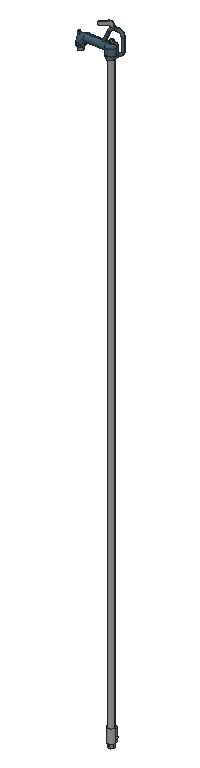
Revit family "Hydrant_Yard-Zurn-Z1397XL-Lead_Free", category Plumbing Fixtures, host Face, Revit 2022
Family settings
  Host = Face
  Round Connector Dimension = Use Radius
  Part Type = Normal
  OmniClass Number = 23.65.70.14.11
  OmniClass Title = Drinking Fountains/Coolers
  Cut with Voids When Loaded = No
  Maintain Annotation Orientation = No
  Shared = No
  Room Calculation Point = No
Parameters (values of type "Z1397XL-8 Foot Depth of Bury")
  Waste Connection = 1 = 0  # no
  WFU = 0  # constant formula
  Vent Connection = 1 = 0  # no
  URL = "www.zurn.com"
  Product data url = "https://www.bimobject.com/en-in/zurnindustries/product/zurn-z1397xl"
  Product Page URL = "https://www.zurn.com/products/drainage-interceptors/light-commercial/z1397xl"
  Product Documentation Link = "https://files.zurn.com/spec-sheets/z1397xl.pdf"
  Modified Date = "03/02/2026"  # constant formula
  Model = "Z1397XL"  # constant formula
  Manufacturer Brand = "Zurn"  # constant formula
  Manufacturer = "Zurn Water, LLC"  # constant formula
  Lift Handle [instance] = Iron - Zurn -Cast - Painted - Blue
  Hydrant Casing = Steel - Zurn - Galvanized
  Hose and Valve Housing = Bronze - Zurn - Cast
  Height_B+ = Depth of Bury + 30.000"  # 126.000"
  HWFU = 0  # constant formula
  HW Connection = 1 = 0  # no
  Description = "FLO-TROL YARD HYDRANT Exposed Head, Non-Freeze"  # constant formula
  Depth of Bury = 96.000"
  Default Elevation = 20.000"  # constant formula
  Date Created = "11/03/2018"  # constant formula
  Casing Dia = 1.156"  # constant formula
  Casing [instance] = yes
  CWFU = 1  # constant formula
  CW Connection = 1 = 1  # yes
  Assembly Code = "D2020300"
  Hose Outlet Radius (Outer) = 0.525"  # constant formula
  Hose Outlet Radius (Nominal) = 0.375"  # constant formula
  Hose Outlet Radius (Inner) = 0.410"  # constant formula
  Female NPT Inlet Radius (Outer) = 0.525"  # constant formula
  Female NPT Inlet Radius (Nominal) = 0.375"  # constant formula
  Female NPT Inlet Radius (Inner) = 0.410"  # constant formula
  Approx.WT. = 39.00 lbf
Types (6): name | Height_B+ | Depth of Bury | Casing | Approx.WT.
  Z1397XL-2 Foot Depth of Bury | 54.000" | 24.000" | no | 15.00 lbf
  Z1397XL-3 Foot Depth of Bury | 66.000" | 36.000" | yes | 19.00 lbf
  Z1397XL-4 Foot Depth of Bury | 78.000" | 48.000" | yes | 23.00 lbf
  Z1397XL-5 Foot Depth of Bury | 90.000" | 60.000" | yes | 27.00 lbf
  Z1397XL-6 Foot Depth of Bury | 102.000" | 72.000" | yes | 31.00 lbf
  Z1397XL-8 Foot Depth of Bury | 126.000" | 96.000" | yes | 39.00 lbf
Reference planes (in)
  plane 1 "Center (Front/Back)": y = 0
  plane 2: z = 0
  plane 3 "Center (Left/Right)": x = 0
  plane 4: z = 30
  plane 5: z = -96
  plane 6: x = -0.57812
  plane 7: x = 0.57813
  plane 8: y = 0.57812
  plane 9: y = -0.57813
  plane 10: z = -92.375
  plane 11: x = 0
  plane 12: x = 2.375
  plane 13: z = 31.42605
  plane 14: z = 29.25
  plane 15: y = 0.25
  plane 16: y = -0.25
  plane 17: x = 2.625
  plane 18: y = 0.71
  plane 19: y = -0.71
  plane 20: x = 1
  plane 21: x = -1.78125
  plane 22: x = -6.75
  plane 23: x = -5.75
  plane 24: x = -0.813
  plane 25: x = 0.813
  plane 26: x = -0.578
  plane 27: x = 0.578
  plane 28: x = -1
  plane 29: x = 1
  plane 30: z = 32.4375
  plane 31: x = -7.031
  plane 32: x = -5.469
  plane 33: z = 31
  plane 34: z = 35.3125
  plane 35: through (0.30937, -180, 35.3125) normal (0.866, 0, -0.5)
  plane 36: y = -0.813
  plane 37: y = 0.813
  plane 38: y = -0.578
  plane 39: y = 0.578
  plane 40: y = -1
  plane 41: y = 1
  plane 42: z = 35.625
  plane 43: z = 29.36883
  plane 44: z = 29.875
  plane 45: z = 11.875
  plane 46: x = -0.525
  plane 47: x = 0.525
  plane 48: y = 0.525
  plane 49: y = -0.525
  plane 50: x = -6.25
  plane 51: x = -6.25
  plane 52: x = -6.775
  plane 53: x = -5.725
  plane 54: y = -0.72169
  plane 55: y = 0.72049
  plane 56: x = -0.375
  plane 57: x = 0.375
  plane 58: z = 32.6875
  plane 59: z = 32.8125
  plane 60: z = 33.1875
  plane 61: y = -0.15
  plane 62: y = 0.15
  plane 63: z = 35.7957
  plane 64: through (-2.54276, -180, 35.5559) normal (-0.3907, 0, 0.9205)
  plane 65: through (-2.34097, -180, 34.96258) normal (-0.3649, 0, 0.9311)
  plane 66: z = 35.25024
  plane 67: y = 0.05
  plane 68: y = -0.05
  plane 69: through (-0.77024, 0.71, 48) normal (-0.5, 0.866, 0)
  plane 70: through (0, 1.1547, 48) normal (0.5, 0.866, 0)
  plane 71: through (1, -0.57735, 48) normal (0.5, -0.866, 0)
  plane 72: through (-0.75, -0.72169, 48) normal (0.5, 0.866, 0)
  plane 73: x = -5.92404
  plane 74: z = -95
  plane 75: z = -94
  plane 76: x = 0.81571
  plane 77: x = 0.15
  plane 78: x = 1.06571
Forms (in)
  Extrusion 1, solid, material "Steel - Zurn - Galvanized" <- "Hydrant Casing", detail levels fine
    sketch origin (0, 0, 0) x (1, 0, 0) y (0, 1, 0)
      loop
        circle (0, 0) r 0.578
    from -92.375 to 30
  Extrusion 2, solid, material "Bronze - Zurn - Cast" <- "Hose and Valve Housing", detail levels fine
    sketch origin (0, 0, 0) x (1, 0, 0) y (0, 1, 0)
      loop
        circle (0, 0) r 0.525
      loop
        circle (0, 0) r 0.41
    from -96 to -95
  Extrusion 3, solid, material "Bronze - Zurn - Cast" <- "Hose and Valve Housing", detail levels fine
    sketch origin (0, 0, 0) x (1, 0, 0) y (0, 1, 0)
      loop
        circle (-6.25, 0) r 0.525
      loop
        circle (-6.25, 0) r 0.41
    from 30 to 29.25
  Extrusion 4, solid, material "Bronze - Zurn - Cast" <- "Hose and Valve Housing", detail levels fine
    sketch origin (4.75, -180, 32.4375) x (0, -1, 0) y (-1, 0, 0)
      loop
        circle (-180, 4.75) r 0.37496
    from -0.25 to 0
  Extrusion 5, solid, material "Bronze - Zurn - Cast" <- "Hose and Valve Housing", detail levels fine
    sketch origin (-0.94354, -180, 32.6875) x (-1, 0, 0) y (0, -1, 0)
      loop
        circle (-0.94354, -180) r 0.4375
    from 0 to 0.125
  Extrusion 6, solid, material "Steel - Zurn - Galvanized" <- "Hydrant Casing", detail levels fine
    sketch origin (-8.6548, -180, 32.8125) x (-1, 0, 0) y (0, -1, 0)
      loop
        circle (-8.6548, -180) r 0.1875
    from 0 to 0.375
  Extrusion 7, solid, material "Steel - Zurn - Galvanized" <- "Hydrant Casing", detail levels fine
    sketch origin (-0.125, 0, 0) x (1, 0, 0) y (0, 0, 1)
      loop
        line (1.00428, 35.625) -> (0.35706, 36.26913)
        arc (0.35706, 36.26913) -> (0.00717, 36.45805) -> (-0.38837, 36.41733) r 0.67531
        line (-0.38837, 36.41733) -> (-2.46018, 35.5379)
        arc (-2.46018, 35.5379) -> (-2.62573, 35.12814) -> (-2.21597, 34.96258) r 0.3125
        line (-2.21597, 34.96258) -> (-0.47042, 35.64661)
        arc (-0.47042, 35.64661) -> (-0.10422, 35.63225) -> (0.07486, 35.3125) r 0.375
        arc (0.07486, 35.3125) -> (0.51908, 35.5297) -> (1.00428, 35.625) r 1.90123
    from -0.05 to 0.05
  Extrusion 8, solid, material "Steel - Zurn - Galvanized" <- "Hydrant Casing", detail levels fine
    sketch origin (-8.8588, -180, -95) x (-1, 0, 0) y (0, -1, 0)
      loop
        circle (-8.8588, -180) r 0.8125
    from 0 to 2.625
  Extrusion 9, solid, material "Steel - Zurn - Galvanized" <- "Hydrant Casing", detail levels fine
    sketch origin (0, 0, 0) x (0, 1, 0) y (0, 0, 1)
      loop
        circle (0, -94) r 0.2025
      loop
        circle (0, -94) r 0.135
    from 0.15 to 1.06571
Lines and regions (in)
  Masking region 1, detail levels fine
    outline origin (-7.8917, -180, 29.25) x (-1, 0, 0) y (0, -1, 0)
      loop
        arc (-1.9519, -180.72049) -> (-0.85727, -180.00152) -> (-1.94911, -179.27831) r 0.78443
        line (-1.94911, -179.27831) -> (-7.1417, -179.27831) -> (-7.8917, -178.8453) -> (-8.8917, -179.42265) -> (-8.8917, -179.75) -> (-10.2667, -179.75)
        arc (-10.2667, -179.75) -> (-10.5167, -180) -> (-10.2667, -180.25) r 0.25
        line (-10.2667, -180.25) -> (-8.8917, -180.25) -> (-8.8917, -180.57735) -> (-7.8917, -181.1547) -> (-7.13963, -180.72049) -> (-1.9519, -180.72049)
  model lines, detail levels coarse+medium
    curve 1: line (0, 0, -96) -> (0, 0, 31.42605)
    curve 2: line (0, 0, 31.42605) -> (-6.25, 0, 31.42605)
    curve 3: line (-6.25, 0, 31.42605) -> (-6.25, 0, 29.25)
    curve 6: line (-0.525, 0, -96) -> (0.525, 0, -96)
    curve 7: line (0, 0.525, -96) -> (0, -0.525, -96)
    curve 8: line (-6.775, 0, 29.25) -> (-5.725, 0, 29.25)
    curve 9: line (-6.25, 0.525, 29.25) -> (-6.25, -0.525, 29.25)
  symbolic lines, detail levels coarse+medium
    curve 4: line (-5.75, 0, 29.25) -> (-6.75, 0, 29.25)
    curve 10: line (0, 0, 35.625) -> (0, 0, -96)
    curve 11: line (0, 0.525, 29.25) -> (0, -0.525, 29.25)
  symbolic lines
    curve 5: line (0, -0.525, -96) -> (0, 0.525, -96)
Dimensions and locks (in)
  "Depth of Bury": plane 2 to plane 5
  plane 6 to plane 3 "Center (Left/Right)" to plane 7 = 0.57812" locked, 0.57813" locked
  plane 8 to plane 1 "Center (Front/Back)" to plane 9 = 0.57812" locked, 0.57813" locked
  locked: plane 10 to plane 5 at 3.625
  "Height_B+": plane 4 to plane 5
  plane 4 to plane 2 = 30.000"
  plane 16 to plane 1 "Center (Front/Back)" to plane 15 = 0.250" locked, 0.250" locked
  locked: plane 12 to plane 17 at 0.25
  locked: plane 11 to plane 20 at 1
  locked: plane 21 to plane 11 at 1.78125
  locked: plane 4 to plane 14 at 0.75
  equal spacing: plane 24, curve 1, plane 25
  equal spacing: plane 26, curve 1, plane 27
  equal spacing: plane 28, curve 1, plane 20
  locked: plane 30 to plane 4 at 2.4375
  locked: plane 31 to plane 32 at 1.562
  locked: plane 22 to curve 3 at 0.5
  locked: plane 33 to plane 4 at 1
  locked: plane 34 to plane 30 at 2.875
  plane 36 to curve 1 to plane 37 = 0.813" locked, 0.813" locked
  plane 38 to curve 1 to plane 39 = 0.578" locked, 0.578" locked
  plane 40 to nested 1 to plane 41 = 1.000" locked, 1.000" locked
  locked: plane 4 to plane 44 at 0.125
  locked: plane 44 to plane 45 at 18
  locked: plane 11 to plane 47 at 0.525
  locked: plane 46 to plane 11 at 0.525
  locked: plane 1 "Center (Front/Back)" to plane 49 at 0.525  (x2)
  locked: plane 1 "Center (Front/Back)" to plane 48 at 0.525  (x2)
  locked: plane 52 to plane 51 at 0.525
  locked: plane 51 to plane 53 at 0.525
  equal spacing: plane 57, plane 3 "Center (Left/Right)", plane 56
  locked: plane 3 "Center (Left/Right)" to plane 56 at 0.375
  locked: plane 58 to plane 30 at 0.25
  locked: plane 59 to plane 58 at 0.125
  locked: plane 60 to plane 59 at 0.375
  equal spacing: plane 61, plane 1 "Center (Front/Back)", plane 62
  locked: plane 61 to plane 1 "Center (Front/Back)" at 0.15
  locked: Extrusion 7 sketch curve to Extrusion 7 sketch curve at 0.91313
  plane 63 to plane 66 = 0.54546"
  equal spacing: plane 67, plane 1 "Center (Front/Back)", plane 68, locked at 0.05 each
  plane 67 to plane 1 "Center (Front/Back)" = 0.050"
  locked: plane 74 to plane 5 at 1
  plane 75 to plane 5 = 2.000"
  locked: plane 77 to curve 1 at 0.15
  locked: plane 76 to plane 78 at 0.25
  "Hose Outlet Radius (Outer)": radius of Extrusion 3 sketch curve
  radius of Extrusion 5 sketch curve = 0.4375"
  radius of Extrusion 6 sketch curve = 0.1875"
  "Casing Dia": diameter of Extrusion 1 sketch curve
  "Female NPT Inlet Radius (Outer)": radius of Extrusion 2 sketch curve
  "Female NPT Inlet Radius (Inner)": radius of Extrusion 2 sketch curve
  radius of Extrusion 8 sketch curve = 0.8125"
  "Hose Outlet Radius (Inner)": radius of Extrusion 3 sketch curve
  radius of Extrusion 9 sketch curve = 0.2025"
  locked: plane 30 to plane 35 (angle 60.00°)
  locked: plane 69 to plane 18 (angle 150.00°)
  aligned and locked: plane 2 to host face
  aligned and locked: level to host face
  aligned and locked: plane 1 "Center (Front/Back)" to Extrusion 1 sketch curve
  aligned and locked: plane 3 "Center (Left/Right)" to Extrusion 1 sketch curve
  aligned and locked: plane 4 to Extrusion 1
  aligned and locked: Extrusion 1 to plane 4
  aligned and locked: plane 1 "Center (Front/Back)" to Extrusion 2 sketch curve  (x2)
  aligned and locked: Extrusion 2 to plane 5
  aligned and locked: Extrusion 1 to plane 10
  aligned and locked: nested 1 to plane 11
  aligned and locked: nested 1 to Extrusion 3 sketch curve  (x2)
  aligned and locked: plane 4 to Extrusion 3
  aligned and locked: Extrusion 3 to nested 1
  aligned and locked: plane 13 to curve 1
  aligned and locked: plane 5 to curve 1
  aligned and locked: curve 5 to plane 5
  aligned and locked: plane 11 to Extrusion 2 sketch curve  (x2)
  aligned and locked: plane 46 to curve 6
  aligned and locked: plane 47 to curve 6
  aligned and locked: plane 1 "Center (Front/Back)" to curve 6
  aligned and locked: plane 48 to curve 7
  aligned and locked: plane 49 to curve 7
  aligned and locked: curve 7 to plane 11
  aligned and locked: plane 1 "Center (Front/Back)" to Extrusion 3 sketch curve
  aligned and locked: plane 50 to Extrusion 3 sketch curve
  aligned and locked: plane 52 to curve 8
  aligned and locked: plane 53 to curve 8
  aligned and locked: plane 1 "Center (Front/Back)" to curve 8
  aligned and locked: plane 48 to curve 9
  aligned and locked: plane 49 to curve 9
  aligned and locked: plane 51 to curve 9
  aligned and locked: plane 5 to curve 10
  aligned and locked: plane 42 to curve 10
  aligned and locked: plane 48 to curve 11
  aligned and locked: plane 49 to curve 11
  aligned and locked: curve 11 to nested 1
  aligned and locked: nested 1 to Masking region 1 sketch curve  (x3)
  aligned and locked: Masking region 1 sketch curve to nested 1  (x2)
  aligned and locked: Masking region 1 sketch curve to plane 29
  aligned and locked: plane 29 to Masking region 1 sketch curve  (x3)
  aligned and locked: plane 15 to Masking region 1 sketch curve
  aligned and locked: Masking region 1 sketch curve to plane 16
  aligned and locked: Masking region 1 sketch curve to plane 54
  aligned and locked: plane 55 to Masking region 1 sketch curve  (x2)
  aligned and locked: plane 11 to Masking region 1 sketch curve  (x2)
  aligned and locked: plane 1 "Center (Front/Back)" to Extrusion 4 sketch curve
  aligned and locked: plane 11 to Extrusion 4 sketch curve
  aligned and locked: plane 58 to Extrusion 4
  aligned and locked: nested 1 to Extrusion 4
  aligned and locked: plane 1 "Center (Front/Back)" to Extrusion 5 sketch curve
  aligned and locked: plane 11 to Extrusion 5 sketch curve
  aligned and locked: plane 59 to Extrusion 5
  aligned and locked: plane 1 "Center (Front/Back)" to Extrusion 6 sketch curve
  aligned and locked: plane 11 to Extrusion 6 sketch curve
  aligned and locked: plane 60 to Extrusion 6
  aligned and locked: plane 42 to Extrusion 7 sketch curve
  aligned and locked: plane 34 to Extrusion 7 sketch curve  (x2)
  aligned and locked: plane 63 to Extrusion 7 sketch curve
  aligned and locked: plane 65 to Extrusion 7 sketch curve  (x2)
  aligned and locked: plane 64 to Extrusion 7 sketch curve  (x2)
  aligned and locked: plane 66 to Extrusion 7 sketch curve
  aligned and locked: plane 20 to Extrusion 7 sketch curve
  aligned and locked: Extrusion 7 to plane 67
  aligned and locked: Extrusion 7 to plane 68
  aligned and locked: plane 74 to Extrusion 2
  aligned and locked: Extrusion 8 to Extrusion 1
  aligned and locked: plane 1 "Center (Front/Back)" to Extrusion 8 sketch curve
  aligned and locked: plane 11 to Extrusion 8 sketch curve
  aligned and locked: plane 75 to Extrusion 9 sketch curve  (x2)
  aligned and locked: plane 1 "Center (Front/Back)" to Extrusion 9 sketch curve  (x2)
  aligned and locked: Extrusion 9 to plane 77
  aligned and locked: plane 78 to Extrusion 9
  aligned and locked: plane 10 to Extrusion 8
  aligned and locked: Extrusion 2 to Extrusion 8
  aligned and locked: Extrusion 6 to Extrusion 5
Automatic sketch dimensions
  host sketch curve to host sketch curve = 96.000"  (x2)
  plane 22 to curve 4 = 0.000"
  plane 23 to curve 4 = 0.000"
  curve 5 to plane 49 = 0.000"
  curve 5 to plane 48 = 0.000"
  Masking region 1 sketch curve to plane 12 = 0.000"
  plane 23 to Masking region 1 sketch curve = 0.1898"
  Masking region 1 sketch curve to plane 38 = 0.00065"
  curve 4 to plane 14 = 0.000"
  curve 10 to plane 1 "Center (Front/Back)" = 0.000"
  plane 42 to Extrusion 7 sketch curve = 0.0871"
  Extrusion 7 sketch curve to Extrusion 7 sketch curve = 0.1221"
  plane 26 to Extrusion 7 sketch curve = 0.01742"
  plane 46 to Extrusion 7 sketch curve = 0.01163"
  Extrusion 7 sketch curve to plane 56 = 0.05014"
  plane 3 "Center (Left/Right)" to Extrusion 7 sketch curve = 0.23206"
  radius of Extrusion 4 sketch curve = 0.37496"
  radius of Extrusion 9 sketch curve = 0.135"
Nested families (in)
  nested 1: "Yard Hydrant Handle" at (-1.5, 0, 30), Lift Handle <- "Lift Handle", type "Yard Hydrant Handle", detail levels fine
Connectors (in)
  piping at (0, 0, -96), diameter 0.75, driven by "Female NPT Inlet Radius (Nominal)", driven by "CW Connection"
    settings: on Extrusion 2, index 1, connector inside diameter 3/4", connector length 0.000", flow factor 0, pipe flow 0 GPM, pressure drop 0.00 psi, fitting loss kfactor 0, connector angle 0.00°, fixture units 0, engagement length 0.000", angle of deflection 0.00°, flow configuration 0, flow direction 1, fitting loss method 0, system type 20, joint type 0, gender type 0, connector reference index -1, connector utility 1, adjustable connector no, is connector primary yes, connector description "Female NPT Inlet"
  piping at (-6.25, 0, 29.25), diameter 0.75, driven by "CW Connection", driven by "Hose Outlet Radius (Nominal)"
    settings: on Extrusion 3, index 2, connector inside diameter 3/4", connector length 0.000", flow factor 0, pipe flow 0 GPM, pressure drop 0.00 psi, fitting loss kfactor 0, connector angle 0.00°, fixture units 0, engagement length 0.000", angle of deflection 0.00°, flow configuration 0, flow direction 2, fitting loss method 0, system type 20, joint type 0, gender type 0, connector reference index -1, connector utility 1, adjustable connector no, is connector primary no, connector description "Hose Connection"
Definition of nested family "Yard Hydrant Handle"
  Parameters (values of type "Yard Hydrant Handle")
    Manufacturer = "Zurn Industries, LLC"  # constant formula
    Lift Handle [instance] = none
    Hose Connection [instance] = none
    Default Elevation = 36.000"
  Reference planes (in)
    plane 1 "Center (Front/Back)": y = 0
    plane 2: z = 0
    plane 3 "Center (Left/Right)": x = 0
    plane 4: z = 3.4375
    plane 5: x = 1.5
    plane 6: x = -4.75
    plane 7: x = 2.5
    plane 8: x = 0.5
    plane 9: z = 2.4375
    plane 10: z = 0.5625
    plane 11: z = 0.125
    plane 12: z = 1.71875
    plane 13: z = 6.0625
    plane 14: z = 5.375
    plane 15: x = -5.125
    plane 16: z = 2.34375
    plane 17: x = -5.125
    plane 18: z = 1.21875
    plane 19: x = -4.5167
    plane 20: through (-5.03661, -180, 2.43214) normal (0.7071, 0, 0.7071)
    plane 21: y = 0.125
    plane 22: y = -0.125
    plane 23: z = 1.0625
    plane 24: x = 3.875
    plane 25: through (0, -180, 2.4375) normal (-0.8906, 0, 0.4548)
    plane 26: z = -0.75
    plane 27: z = 0.59375
    plane 28: x = -3.625
    plane 29: z = 1.8125
    plane 30: x = 2
    plane 31: z = 1.9375
    plane 32: through (0.5, 0.57735, 48) normal (-0.5, 0.866, 0)
    plane 33: through (1.5, 1.1547, 48) normal (0.5, 0.866, 0)
    plane 34: through (2.5, -0.57735, 48) normal (0.5, -0.866, 0)
    plane 35: through (0.5, -0.57735, 48) normal (0.5, 0.866, 0)
    plane 36: y = 1.1547
    plane 37: y = -1.1547
  Forms (in)
    Extrusion 1, solid
      sketch origin (0, 0, 0) x (1, 0, 0) y (0, 1, 0)
        loop
          line (-48, 48) -> (-48, -48) -> (48, -48) -> (48, 48) -> (-48, 48)
      from 0 to -12
    Revolve 2, solid, material <- "Lift Handle"
      sketch origin (0, 0, 0) x (1, 0, 0) y (0, 0, 1)
        loop
          line (1.5, 2.4375) -> (1.5, 0) -> (2.5, 0) -> (2.5, 1.9375)
          arc (2.5, 1.9375) -> (2.35355, 2.29105) -> (2, 2.4375) r 0.5
          line (2, 2.4375) -> (1.5, 2.4375)
        axis (1.5, 2.4375) -> (1.5, 0)
      angle from 0 to 360
    Extrusion 3, solid, material <- "Lift Handle"
      sketch origin (0, 0, 0) x (1, 0, 0) y (0, 1, 0)
        loop
          line (2.5, 0.57735) -> (1.5, 1.1547) -> (0.5, 0.57735) -> (0.5, -0.57735) -> (1.5, -1.1547) -> (2.5, -0.57735) -> (2.5, 0.57735)
      from 0 to 0.5625
    Extrusion 4, solid, material <- "Lift Handle"
      sketch origin (0, 0, 0) x (1, 0, 0) y (0, 1, 0)
        loop
          circle (-4.75, 0) r 0.78125
      from 0 to 0.125
    Sweep 5, solid, material <- "Lift Handle"
      path origin (0, 0, 0) x (1, 0, 0) y (0, 0, 1)
        loop
          line (-4.75, 0.125) -> (-4.75, 0.59375)
          arc (-4.75, 0.59375) -> (-4.4205, 1.38925) -> (-3.625, 1.71875) r 1.125
          line (-3.625, 1.71875) -> (1.5, 1.71875)
      profile origin (-4.75, 0, 0.35937) x (-1, 0, 0) y (0, -1, 0)
        loop
          circle (0, 0) r 0.71875
    Extrusion 6, solid, material <- "Lift Handle"
      sketch origin (0, 0, 0) x (1, 0, 0) y (0, 0, 1)
        loop
          line (-5.25, 2.34375) -> (-5.25, 1.21875) -> (-4.5167, 1.21875) -> (-4.5167, 1.91222) -> (-5.03661, 2.43214)
          arc (-5.03661, 2.43214) -> (-5.17284, 2.45923) -> (-5.25, 2.34375) r 0.125
      from -0.125 to 0.125
    Sweep 7, solid, material <- "Lift Handle"
      path origin (0, 0, 0) x (1, 0, 0) y (0, 0, 1)
        loop
          line (-0.36702, 1.71875) -> (1.07915, 4.55084)
          arc (1.07915, 4.55084) -> (1.63615, 5.1526) -> (2.4254, 5.375) r 1.51161
          line (2.4254, 5.375) -> (2.87177, 5.375)
          arc (2.87177, 5.375) -> (3.58116, 5.08116) -> (3.875, 4.37177) r 1.00323
          line (3.875, 4.37177) -> (3.875, 1.8125)
          arc (3.875, 1.8125) -> (3.65533, 1.28217) -> (3.125, 1.0625) r 0.75
          line (3.125, 1.0625) -> (1.49677, 1.0625)
      profile origin (0.35606, 0, 3.13479) x (-0.890605, 0, 0.454777) y (0, -1, 0)
        loop
          circle (0, 0) r 0.25
  Cuts and joins
    joined: Revolve 2, Extrusion 3, Extrusion 4, Sweep 5, Extrusion 6, Sweep 7
  Dimensions and locks (in)
    locked: plane 4 to plane 2 at 3.4375
    plane 5 to plane 3 "Center (Left/Right)" = 1.500"  (x2)
    locked: plane 3 "Center (Left/Right)" to plane 6 at 4.75
    locked: plane 9 to plane 2 at 2.4375
    plane 8 to plane 5 to plane 7 = 1.000" locked, 1.000" locked
    locked: plane 10 to plane 2 at 0.5625
    locked: plane 11 to plane 2 at 0.125
    locked: plane 12 to plane 2 at 1.71875
    locked: plane 13 to plane 2 at 6.0625
    locked: plane 14 to plane 9 at 2.9375
    locked: plane 12 to plane 18 at 0.5
    locked: plane 19 to plane 6 at 0.2333
    locked: plane 20 to plane 18 at 0.69347
    locked: plane 9 to plane 23 at 1.375
    locked: plane 24 to plane 5 at 2.375
    locked: plane 2 to plane 26 at 0.75
    plane 7 to plane 5 = 1.000"
    locked: plane 3 "Center (Left/Right)" to plane 8 at 0.5
    locked: plane 36 to plane 1 "Center (Front/Back)" at 1.1547
    locked: plane 1 "Center (Front/Back)" to plane 37 at 1.1547
    radius of Extrusion 4 sketch curve = 0.78125"
    locked: plane 19 to plane 20 (angle 45.00°)
    locked: plane 32 to plane 1 "Center (Front/Back)" (angle 150.00°)
    locked: plane 1 "Center (Front/Back)" to plane 33 (angle 150.00°)
    locked: plane 35 to plane 1 "Center (Front/Back)" (angle 30.00°)
    locked: plane 1 "Center (Front/Back)" to plane 34 (angle 30.00°)
    aligned and locked: plane 2 to Extrusion 1
    aligned and locked: level to Extrusion 1
    aligned and locked: plane 9 to Revolve 2 sketch curve
    aligned and locked: plane 5 to Revolve 2 sketch curve
    aligned and locked: Revolve 2 sketch curve to plane 7
    aligned and locked: plane 2 to Revolve 2 sketch curve
    aligned and locked: Revolve 2 sketch curve to plane 5
    aligned and locked: Extrusion 3 to plane 10
    aligned and locked: Extrusion 3 to plane 2
    aligned and locked: plane 6 to Extrusion 4 sketch curve
    aligned and locked: plane 1 "Center (Front/Back)" to Extrusion 4 sketch curve
    aligned and locked: Extrusion 4 to plane 2
    aligned and locked: Extrusion 4 to plane 11
    aligned and locked: plane 16 to Extrusion 6 sketch curve  (x2)
    aligned and locked: plane 17 to Extrusion 6 sketch curve
    aligned and locked: plane 18 to Extrusion 6 sketch curve
    aligned and locked: plane 21 to Extrusion 6
    aligned and locked: Extrusion 6 to plane 22
    aligned and locked: Sweep 7 sketch curve to plane 23
    aligned and locked: Sweep 5 sketch curve to plane 12
    aligned and locked: plane 5 to Sweep 5 sketch curve
    aligned and locked: plane 27 to Sweep 5 sketch curve
    aligned and locked: plane 28 to Sweep 5 sketch curve
    aligned and locked: Extrusion 6 sketch curve to plane 19
    aligned and locked: plane 15 to plane 17
    aligned and locked: Sweep 7 sketch curve to plane 25
    aligned and locked: Sweep 7 sketch curve to plane 14
    aligned and locked: Sweep 7 sketch curve to plane 24
    aligned and locked: plane 29 to Sweep 7 sketch curve
    aligned and locked: plane 31 to Revolve 2 sketch curve
    aligned and locked: plane 30 to Revolve 2 sketch curve
    aligned and locked: Extrusion 3 sketch curve to plane 8
    aligned and locked: plane 7 to Extrusion 3 sketch curve
    aligned and locked: plane 32 to Extrusion 3 sketch curve
    aligned and locked: plane 33 to Extrusion 3 sketch curve
    aligned and locked: plane 34 to Extrusion 3 sketch curve
    aligned and locked: Extrusion 3 sketch curve to plane 35
    aligned and locked: plane 1 "Center (Front/Back)" to cut or joined group of Revolve 2, Extrusion 3, Extrusion 4, Sweep 5, Extrusion 6, Sweep 7  (x2)
  Automatic sketch dimensions
    Extrusion 1 sketch curve to Extrusion 1 sketch curve = 96.000"  (x2)
    Sweep 5 sketch curve to plane 11 = 0.000"
    plane 1 "Center (Front/Back)" to Sweep 5 sketch curve = 0.000"
    Sweep 5 sketch curve to profile plane = 0.000"
    Extrusion 6 sketch curve to plane 15 = 0.08839"
    plane 9 to Extrusion 6 sketch curve = 0.00536"
    plane 1 "Center (Front/Back)" to Sweep 7 sketch curve = 0.000"
    Sweep 7 sketch curve to profile plane = 0.000"
    Extrusion 6 sketch curve to plane 20 = 0.000"
    Sweep 7 sketch curve to plane 12 = 0.000"
    plane 3 "Center (Left/Right)" to Sweep 7 sketch curve = 1.07915"
    plane 7 to Sweep 7 sketch curve = 0.37177"
    Sweep 7 sketch curve to plane 5 = 0.00323"
    Revolve 2 sketch curve to plane 26 = 0.17936"
    Revolve 2 sketch curve to plane 4 = 0.500"
    Extrusion 3 sketch curve to plane 5 = 0.000"
    radius of Sweep 5 sketch curve = 0.71875"
    radius of Sweep 7 sketch curve = 0.250"
